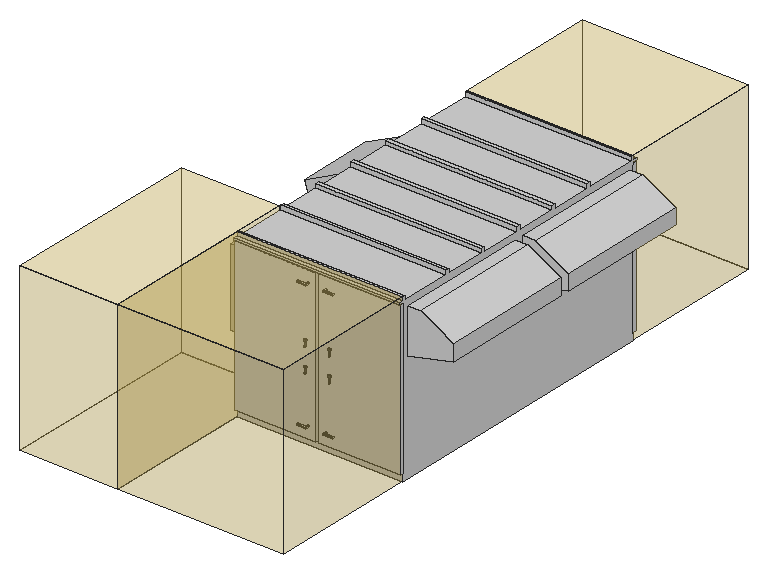
Revit family "Ventilator-RenewAire-Energy-Recovery-LE6XRTR", category Mechanical Equipment, Revit 2015
Parameters (values of type "3.0 HP 208-230V Single Phase")
  Voltage = "208-230"
  Ventilation Type = "Static Plate, Heat and Humidity Transfer"
  Unit Width = "125-1/2\""
  Unit Weight - Modular = "1,017 - 1,461 lbs."
  Unit Weight - Assembled = "2,086 - 2,753 lbs."
  Unit Length = "111-1/4\""
  Unit Height = "71-1/4\""
  Unit = Metal - RenewAire - Anodized - Gray Text
  URL = "www.renewaire.com"
  Typical Airflow Range = "1,500 - 6,600 CFM"
  Standard Features = "TEFC Premium efficiency motors, Motor starters, Non-fused disconnect, 24 VAC transformer/relay package"
  Shipping Weight - Assembled = "3,035 lbs."
  Service Area Visibility = yes
  Service Area Box = Interference - RenewAire - Smooth - Light - Gold
  Revit Object Download Link = ""
  Phase = "Single"
  Options = "Integrated programmable controls, Fused disconnect, Double wall construction, Factory supplied and mounted variable frequency drives (VFDs) - one or both airstreams, Class 1 low-leakage motorized isolation dampers - OA, RA or both airstreams, Qty. 2 Factory mounted filter alarms, Exterior Paint - white, custom colors, Spring Vibration Isolators"
  Number Motors = "Qty. 2, Belt drive blower/ standard motor packages with choice of adjustable sheaves for low, medium or high blower speed"
  Model = "LE6XRTR"
  Minimum Circuit Amps = "33.1 A"
  Maximum Overcurrent Protection = "40 A"
  Max. Shipping Height - Modular = "78\""
  Max. Shipping Width - Assembled = "90\""
  Max. Shipping Weight - Module 2 = "1,491 lbs."
  Max. Shipping Weight - Module 1 = "1,602 lbs."
  Max. Shipping Width - Modular = "90\""
  Max. Shipping Length - Assembled = "160\""
  Max. Shipping Length - Modular = "80\""
  Max. Shipping Height - Assembled = "78\""
  Manufacturer = "RenewAire LLC"
  Frequency = "60 HZ"
  FLA per Motor = "14.7 - 14"
  Description = "Energy Recovery Ventilator"
  Connector Base Material = Glass - With - Transparency
  Accessories = "Filters - MERV 13, 2\" or 4\"; MERV 8, 4\"  (shipped loose), Roof curb - standard 14\", Curb wind clip, Engineered combo curb for Carrier RTU, Engineered combo curb for Trane RTU, Digital time clock - wall mount(TC7D-W), in exterior enclosure (TC7D-E), Motion occupancy control - ceiling mount(MC-C), wall mount(MC-W), Carbon Dioxide control - wall mount(CO2-W), duct mount (CO2-D), Electric duct heater – EK series (1-60 kW), EH series (61-175 kW); designed for indoor ductwork installation only, Indirect gas-fired duct furnace - GH series (50-400 MBH), installed downstream of any fans"
  AHRI 1060 Certified Core = "Six L125-G5"
Types (11): name | Voltage | Phase | Minimum Circuit Amps | Maximum Overcurrent Protection | FLA per Motor
  (no name) | "208-230" | "Single" | "33.1 A" | "40 A" | "14.7 - 14"
  3.0 HP 208-230V Single Phase | "208-230" | "Single" | "33.1 A" | "40 A" | "14.7 - 14"
  3.0 HP 208-230V Three Phase | "208-230" | "Three" | "21.1 A" | "25 A" | "9.38-8.48"
  3.0 HP 460V Three Phase | "460" | "Three" | "9.5 A" | "15 A" | "4.24"
  3.0 HP 575V Three Phase | "575" | "Three" | "7.4 A" | "15 A" | "3.3"
  5.0 HP 208-230V Three Phase | "208-230" | "Three" | "32.6 A" | "45 A" | "14.5-13.4"
  5.0 HP 460V Three Phase | "460" | "Three" | "15.1 A" | "20 A" | "6.7"
  5.0 HP 575V Three Phase | "575" | "Three" | "11.9 A" | "15 A" | "5.3"
  7.5 HP 208-230V Three Phase | "208-230" | "Three" | "47.3 A" | "60 A" | "21.0-19.0"
  7.5 HP 460V Three Phase | "460" | "Three" | "21.4 A" | "25 A" | "9.5"
  7.5 HP 575V Three Phase | "575" | "Three" | "17.1 A" | "20 A" | "7.6"
Reference planes (in)
  plane 1 "Center (Front/Back)": y = 0
  plane 2: z = 0
  plane 3 "Center (Left/Right)": x = 0
Forms (in)
  Extrusion 1, solid, material "Metal - RenewAire - Anodized - Gray Text"
    sketch origin (-0.48313, -5.9375, 75.0345) x (1, 0, 0) y (0, 0, -1)
      loop
        circle (-3.25, 67.0345) r 0.25
    from -56.3125 to -55.5625
  Extrusion 2, solid, material "Metal - RenewAire - Anodized - Gray Text"
    sketch origin (-0.48313, -5.9375, 75.0345) x (0, 1, 0) y (0, 0, -1)
      loop
        line (-56.3125, 67.2845) -> (-57.1875, 67.2845) -> (-57.1875, 66.7845) -> (-56.3125, 66.7845) -> (-56.3125, 67.2845)
    from 2.95437 to 7.02735
  Extrusion 3, solid, material "Metal - RenewAire - Anodized - Gray Text"
    sketch origin (-0.4375, -5.9375, 128.569) x (1, 0, 0) y (0, 0, -1)
      loop
        circle (-3.25, 67.0345) r 0.25
    from -56.3125 to -55.5625
  Extrusion 4, solid, material "Metal - RenewAire - Anodized - Gray Text"
    sketch origin (-0.48313, -5.9375, 128.569) x (0, 1, 0) y (0, 0, -1)
      loop
        line (-56.3125, 67.2845) -> (-57.1875, 67.2845) -> (-57.1875, 66.7845) -> (-56.3125, 66.7845) -> (-56.3125, 67.2845)
    from 2.95437 to 7.02735
  Extrusion 5, solid, material "Interference - RenewAire - Smooth - Light - Gold", visible <- "Service Area Visibility"
    sketch origin (19.25, 0, 0) x (1, 0, 0) y (0, 1, 0)
      loop
        line (-53.875, -38.125) -> (-94.8125, -38.125) -> (-94.8125, -122.25) -> (-53.875, -122.25) -> (-53.875, -38.125)
    from 0 to 69.25
  Extrusion 6, solid, material "Interference - RenewAire - Smooth - Light - Gold", visible <- "Service Area Visibility"
    sketch origin (0, -45.75, 0) x (1, 0, 0) y (0, 1, 0)
      loop
        line (34.625, -14.25) -> (-34.625, -14.25) -> (-34.625, -76.5) -> (34.625, -76.5) -> (34.625, -14.25)
    from 0 to 69.25
  Extrusion 7, solid, material "Metal - RenewAire - Anodized - Gray Text"
    sketch origin (0, 0, 0) x (0, 1, 0) y (0, 0, 1)
      loop
        line (59.25, 67.5) -> (37.55, 67.5) -> (37.55, 69.25) -> (36.05, 69.25) -> (36.05, 67.5) -> (19.15, 67.5) -> (19.15, 69.25) -> (17.65, 69.25) -> (17.65, 67.5) -> (0.75, 67.5) -> (0.75, 69.25) -> (-0.75, 69.25) -> (-0.75, 67.5) -> (-17.65, 67.5) -> (-17.65, 69.25) -> (-19.15, 69.25) -> (-19.15, 67.5) -> (-36.05, 67.5) -> (-36.05, 69.25) -> (-37.55, 69.25) -> (-37.55, 67.5) -> (-59.25, 67.5) -> (-59.25, 69.25) -> (-60, 69.25) -> (-60, 67.75) -> (-62, 67.75) -> (-62, 67) -> (-60, 67) -> (-60, 0) -> (60, 0) -> (60, 67) -> (62, 67) -> (62, 67.75) -> (60, 67.75) -> (60, 69.25) -> (59.25, 69.25) -> (59.25, 67.5)
    from -34.625 to 34.625
  Extrusion 8, solid, material "Interference - RenewAire - Smooth - Light - Gold", visible <- "Service Area Visibility"
    sketch origin (0, -32.65268, 0) x (1, 0, 0) y (0, 1, 0)
      loop
        line (34.625, 152.90268) -> (-34.625, 152.90268) -> (-34.625, 92.65268) -> (34.625, 92.65268) -> (34.625, 152.90268)
    from 0 to 69.25
  Extrusion 9, solid, material "Metal - RenewAire - Anodized - Gray Text"
    sketch origin (0, 0, 0) x (1, 0, 0) y (0, 0, 1)
      loop
        line (-34.625, 66.5) -> (-34.625, 3) -> (-0.5625, 3) -> (-0.5625, 66.5) -> (-34.625, 66.5)
    from 60 to 61.5
  Extrusion 10, solid, material "Metal - RenewAire - Anodized - Gray Text"
    sketch origin (-6.80202, 0, 0) x (1, 0, 0) y (0, 0, 1)
      loop
        line (7.36452, 66.5) -> (7.36452, 3) -> (41.42702, 3) -> (41.42702, 66.5) -> (7.36452, 66.5)
    from 60 to 61.5
  Extrusion 11, solid, material "Metal - RenewAire - Anodized - Gray Text"
    sketch origin (0, 0, 0) x (1, 0, 0) y (0, 0, 1)
      loop
        line (-34.625, 66.5) -> (-34.625, 3) -> (-0.5625, 3) -> (-0.5625, 66.5) -> (-34.625, 66.5)
    from -61.5 to -60
  Extrusion 12, solid, material "Metal - RenewAire - Anodized - Gray Text"
    sketch origin (-6.80202, 0, 0) x (1, 0, 0) y (0, 0, 1)
      loop
        line (7.36452, 66.5) -> (7.36452, 3) -> (41.42702, 3) -> (41.42702, 66.5) -> (7.36452, 66.5)
    from -61.5 to -60
  Extrusion 13, solid, material "Metal - RenewAire - Anodized - Gray Text"
    sketch origin (0, 0, 0) x (0, 1, 0) y (0, 0, 1)
      loop
        line (-38.125, 62) -> (-57.5, 62) -> (-57.5, 29.625) -> (-38.125, 29.625) -> (-38.125, 62)
    from -39.5625 to -34.625
  Extrusion 14, solid, material "Metal - RenewAire - Anodized - Gray Text"
    sketch origin (0, 0, 0) x (0, 1, 0) y (0, 0, 1)
      loop
        line (-49, 43.625) -> (-51.5, 43.625) -> (-51.5, 41.125) -> (-49, 41.125) -> (-49, 43.625)
    from -39.8125 to -39.5625
  Extrusion 15, solid, material "Metal - RenewAire - Anodized - Gray Text"
    sketch origin (0, 0, 0) x (0, 1, 0) y (0, 0, 1)
      loop
        circle (-50.24745, 42.375) r 1
    from -40.8125 to -39.8125
  Extrusion 16, solid, material "Metal - RenewAire - Anodized - Gray Text"
    sketch origin (0.48313, -5.9375, 75.0345) x (-1, 0, 0) y (0, 0, 1)
      loop
        circle (-3.25, -67.0345) r 0.25
    from -56.3125 to -55.5625
  Extrusion 17, solid, material "Metal - RenewAire - Anodized - Gray Text"
    sketch origin (0.48313, -5.9375, 75.0345) x (0, 1, 0) y (0, 0, 1)
      loop
        line (-56.3125, -67.2845) -> (-56.3125, -66.7845) -> (-57.1875, -66.7845) -> (-57.1875, -67.2845) -> (-56.3125, -67.2845)
    from 2.95437 to 7.02735
  Extrusion 18, solid, material "Metal - RenewAire - Anodized - Gray Text"
    sketch origin (0.4375, -5.9375, 128.569) x (-1, 0, 0) y (0, 0, 1)
      loop
        circle (-3.25, -67.0345) r 0.25
    from -56.3125 to -55.5625
  Extrusion 19, solid, material "Metal - RenewAire - Anodized - Gray Text"
    sketch origin (0.48313, -5.9375, 128.569) x (0, 1, 0) y (0, 0, 1)
      loop
        line (-56.3125, -67.2845) -> (-56.3125, -66.7845) -> (-57.1875, -66.7845) -> (-57.1875, -67.2845) -> (-56.3125, -67.2845)
    from 2.95437 to 7.02735
  Extrusion 20, solid, material "Metal - RenewAire - Anodized - Gray Text"
    sketch origin (-0.48313, 5.9375, 75.0345) x (1, 0, 0) y (0, 0, 1)
      loop
        circle (-3.25, -67.0345) r 0.25
    from -56.3125 to -55.5625
  Extrusion 21, solid, material "Metal - RenewAire - Anodized - Gray Text"
    sketch origin (-0.48313, 5.9375, 75.0345) x (0, -1, 0) y (0, 0, 1)
      loop
        line (-56.3125, -67.2845) -> (-56.3125, -66.7845) -> (-57.1875, -66.7845) -> (-57.1875, -67.2845) -> (-56.3125, -67.2845)
    from 2.95437 to 7.02735
  Extrusion 22, solid, material "Metal - RenewAire - Anodized - Gray Text"
    sketch origin (-0.4375, 5.9375, 128.569) x (1, 0, 0) y (0, 0, 1)
      loop
        circle (-3.25, -67.0345) r 0.25
    from -56.3125 to -55.5625
  Extrusion 23, solid, material "Metal - RenewAire - Anodized - Gray Text"
    sketch origin (-0.48313, 5.9375, 128.569) x (0, -1, 0) y (0, 0, 1)
      loop
        line (-56.3125, -67.2845) -> (-56.3125, -66.7845) -> (-57.1875, -66.7845) -> (-57.1875, -67.2845) -> (-56.3125, -67.2845)
    from 2.95437 to 7.02735
  Extrusion 24, solid, material "Metal - RenewAire - Anodized - Gray Text"
    sketch origin (0.48313, 5.9375, 75.0345) x (-1, 0, 0) y (0, 0, -1)
      loop
        circle (-3.25, 67.0345) r 0.25
    from -56.3125 to -55.5625
  Extrusion 25, solid, material "Metal - RenewAire - Anodized - Gray Text"
    sketch origin (0.48313, 5.9375, 75.0345) x (0, -1, 0) y (0, 0, -1)
      loop
        line (-56.3125, 67.2845) -> (-57.1875, 67.2845) -> (-57.1875, 66.7845) -> (-56.3125, 66.7845) -> (-56.3125, 67.2845)
    from 2.95437 to 7.02735
  Extrusion 26, solid, material "Metal - RenewAire - Anodized - Gray Text"
    sketch origin (0.4375, 5.9375, 128.569) x (-1, 0, 0) y (0, 0, -1)
      loop
        circle (-3.25, 67.0345) r 0.25
    from -56.3125 to -55.5625
  Extrusion 27, solid, material "Metal - RenewAire - Anodized - Gray Text"
    sketch origin (0.48313, 5.9375, 128.569) x (0, -1, 0) y (0, 0, -1)
      loop
        line (-56.3125, 67.2845) -> (-57.1875, 67.2845) -> (-57.1875, 66.7845) -> (-56.3125, 66.7845) -> (-56.3125, 67.2845)
    from 2.95437 to 7.02735
  Extrusion 28, solid, material "Metal - RenewAire - Anodized - Gray Text"
    sketch origin (0, 0, 0) x (0, 1, 0) y (0, 0, 1)
      loop
        line (-4.125, 33) -> (-36.25, 33) -> (-36.25, 9) -> (-4.125, 9) -> (-4.125, 33)
      loop
        line (-4.375, 32.75) -> (-36, 32.75) -> (-36, 9.25) -> (-4.375, 9.25) -> (-4.375, 32.75)
    from -36.625 to -34.625
  Extrusion 29, void
    sketch origin (0, 0, 0) x (1, 0, 0) y (0, 1, 0)
      loop
        line (3, -5.75) -> (3, -37.25) -> (27, -37.25) -> (27, -5.75) -> (3, -5.75)
    from -2.22657 to 4.75
  Extrusion 30, solid, material "Metal - RenewAire - Anodized - Gray Text"
    sketch origin (0, 0, 0) x (1, 0, 0) y (0, 0, 1)
      loop
        line (-34.625, 64.375) -> (-56.875, 53.375) -> (-51.875, 37) -> (-34.625, 37) -> (-34.625, 64.375)
    from -34.75 to -2.75
  Extrusion 31, solid, material "Metal - RenewAire - Anodized - Gray Text"
    sketch origin (0, 0, 0) x (1, 0, 0) y (0, 0, 1)
      loop
        line (34.625, 65) -> (34.625, 46) -> (54.25, 51) -> (54.25, 57.5) -> (40.375, 65) -> (34.625, 65)
    from 2 to 58
  Extrusion 32, solid, material "Metal - RenewAire - Anodized - Gray Text"
    sketch origin (0, 0, 0) x (1, 0, 0) y (0, 0, 1)
      loop
        line (34.625, 65) -> (34.625, 46) -> (54.25, 51) -> (54.25, 57.5) -> (40.375, 65) -> (34.625, 65)
    from -58 to -2
  Extrusion 33, void
    sketch origin (0, 0, 0) x (1, 0, 0) y (0, 1, 0)
      loop
        line (-34.125, 59.5) -> (-34.125, -59.5) -> (34.125, -59.5) -> (34.125, 59.5) -> (-34.125, 59.5)
    from 0 to 4.625
Cuts and joins
  Extrusion 29, Extrusion 33 cuts Extrusion 7
Dimensions and locks (in)
  aligned and locked: level to plane 2
  aligned and locked: Extrusion 6 to Extrusion 10
  aligned and locked: Extrusion 6 to Extrusion 12
  aligned and locked: Extrusion 6 to Extrusion 7  (x2)
Nested families (in)
  nested 1: "Monitoring Port" at (-5.0625, -61.5, 27.071), type "Monitoring Port"
  nested 2: "Monitoring Port" at (-5.0625, -61.5, 37.1055), type "Monitoring Port"
  nested 3: "Monitoring Port" at (5.0625, -61.5, 27.071) x (-1, 0, 0) z (0, 0, 1), type "Monitoring Port"
  nested 4: "Monitoring Port" at (5.0625, -61.5, 37.1055) x (-1, 0, 0) z (0, 0, 1), type "Monitoring Port"
  nested 5: "Monitoring Port" at (-5.0625, 61.5, 27.071), type "Monitoring Port"
  nested 6: "Monitoring Port" at (-5.0625, 61.5, 37.1055), type "Monitoring Port"
  nested 7: "Monitoring Port" at (5.0625, 61.5, 27.071) x (-1, 0, 0) z (0, 0, 1), type "Monitoring Port"
  nested 8: "Monitoring Port" at (5.0625, 61.5, 37.1055) x (-1, 0, 0) z (0, 0, 1), type "Monitoring Port"
Connectors (in)
  hvac at (-34.625, -20.1875, 21)
    settings: on Extrusion 28, index 2, duct flow 0 CFM, flow factor 0, pres drop 0.00 in-wg, loss coef 0, conn angle 0.00°, conn width 32", conn height 24", conn diameter 24", duct sys type 1, conn prof type 1, flow config 0, flow direction 2, loss method 0, conn ref index -1, conn util no, is conn primary yes, conn desc "FA (Fresh Air)"
  hvac at (15, -21.5, 4.75)
    settings: on cut or joined group of Extrusion 7, Extrusion 29, Extrusion 33, index 3, duct flow 0 CFM, flow factor 0, pres drop 0.00 in-wg, loss coef 0, conn angle 0.00°, conn width 31 1/2", conn height 24", conn diameter 24", duct sys type 2, conn prof type 1, flow config 0, flow direction 1, loss method 0, conn ref index -1, conn util no, is conn primary no, conn desc "RA (Return Air)"
Definition of nested family "Monitoring Port"
  Parameters (values of type "Monitoring Port")
    URL = "www.renewaire.com"
    Revit Object Download Link = ""
    Model = ""
    Manufacturer = "RenewAire LLC"
    Description = "Monitoring Ports"
  Reference planes (in)
    plane 1 "Center (Front/Back)": y = 0
    plane 2: z = 0
    plane 3 "Center (Left/Right)": x = 0
  Forms (in)
    Extrusion 1, solid
      sketch origin (-9.43348, 0, 37.76669) x (-1, 0, 0) y (0, 0, -1)
        loop
          line (-9.53348, 35.65895) -> (-9.94097, 35.42369) -> (-9.94097, 34.83769) -> (-9.43348, 34.54469) -> (-8.92599, 34.83769) -> (-8.92599, 35.42369) -> (-9.33348, 35.65895) -> (-9.33348, 37.28756)
          arc (-9.33348, 37.28756) -> (-9.43348, 37.76669) -> (-9.53348, 37.28756) r 0.25
          line (-9.53348, 37.28756) -> (-9.53348, 35.65895)
      from 0 to 0.25
  Dimensions and locks (in)
    aligned and locked: level to plane 2
